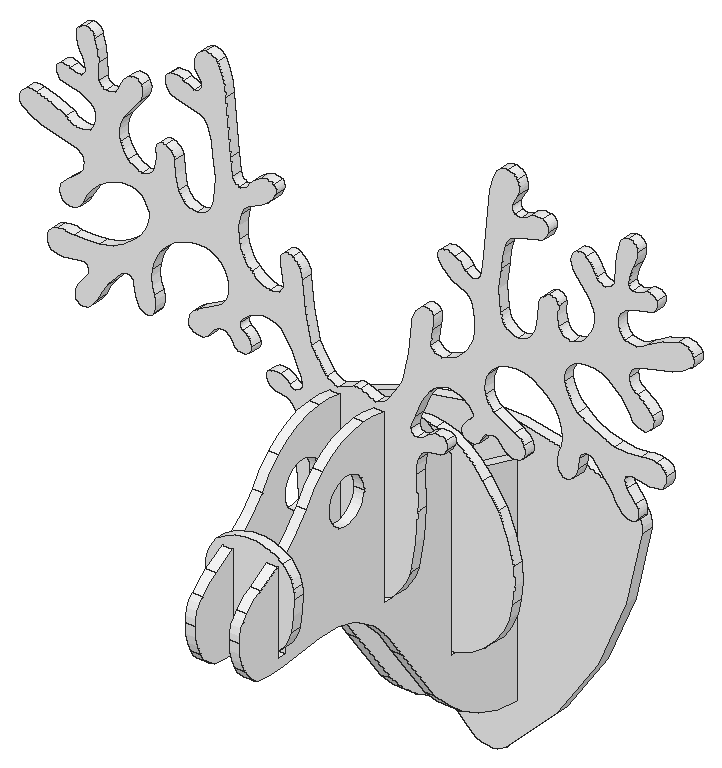
Revit family "Deerhead", category Furniture, Revit 2015
Parameters
  Width = 1200 mm  # constant formula
  Weight = 2.60 kg  # constant formula
  Model = "Deerhead"  # constant formula
  Material = Polyester fiber - White
  Manufacturer = "Loook Industries Ltd."
  Keynote = "5111"
  Height = 1150 mm  # constant formula
  Design by = "IVAR GESTRANIUS & KEVIN LAHTINEN"  # constant formula
  Depth = 675 mm  # constant formula
  BIM Author = "Mika Leinonen - mikaleinonen@outlook.com"  # constant formula
Reference planes
  plane 1 "Center (Front/Back)": y = 0
  plane 2 "Bottom": z = 0
  plane 3 "Center (Left/Right)": x = -257.5
  plane 4 "Front": y = -337.5
  plane 5 "Left": x = 342.5
  plane 6 "Back": y = 337.5
  plane 7 "Right": x = -857.5
  plane 8 "Top": z = 1150
  plane 9 "Center (Elevation)": z = 575
Dimensions and locks
  equal spacing: plane 7 "Right", plane 3 "Center (Left/Right)", plane 5 "Left"
  equal spacing: plane 6 "Back", plane 1 "Center (Front/Back)", plane 4 "Front"
  "Width": plane 7 "Right" to plane 5 "Left"
  "Depth": plane 6 "Back" to plane 4 "Front"
  equal spacing: plane 8 "Top", plane 9 "Center (Elevation)", plane 2 "Bottom"
  "Height": plane 8 "Top" to plane 2 "Bottom"
  aligned and locked: level to plane 2 "Bottom"
  aligned and locked: nested 1 to plane 4 "Front"
Nested families
  nested 1: "Deerhead - Wall" at (0, 0, 0), type "Deerhead - Wall"
Definition of nested family "Deerhead - Wall"
  Parameters (values of type "Deerhead - Wall")
    Width = 1200 mm  # constant formula
    Weight = 2.60 kg  # constant formula
    Model = "Deerhead"  # constant formula
    Material = none
    Manufacturer = "Loook Industries Ltd."
    Keynote = "5111"
    Height = 1150 mm  # constant formula
    Design by = "IVAR GESTRANIUS & KEVIN LAHTINEN"  # constant formula
    Depth = 675 mm  # constant formula
    BIM Author = "Mika Leinonen - mikaleinonen@outlook.com"  # constant formula
  Reference planes
    plane 1 "Center (Front/Back)": y = 0
    plane 2 "Bottom": z = 0
    plane 3 "Center (Left/Right)": x = -257.5
    plane 4 "Front": y = -337.5
    plane 5 "Left": x = 342.5
    plane 6 "Back": y = 337.5
    plane 7 "Right": x = -857.5
    plane 8 "Top": z = 1150
    plane 9 "Center (Elevation)": z = 575
  Forms (mm)
    Extrusion 1, solid
      sketch origin (0, 0, 0) x (1, 0, 0) y (0, 0, 1)
        loop
          arc (-529.453, 435.265) -> (-451.041, 199.021) -> (-288.213, 10.747) r 638.151
          arc (-288.213, 10.747) -> (-257.5, 0.202) -> (-226.787, 10.747) r 50
          arc (-226.787, 10.747) -> (-63.959, 199.021) -> (14.453, 435.265) r 638.151
          arc (14.453, 435.265) -> (9.342, 462.319) -> (-10.573, 481.333) r 45
          arc (-10.573, 481.333) -> (-257.5, 538.02) -> (-504.427, 481.333) r 566.14
          arc (-504.427, 481.333) -> (-524.342, 462.319) -> (-529.453, 435.265) r 45
        loop
          line (-209.24, 428.098) -> (-227.24, 428.098) -> (-227.24, 316.098) -> (-209.24, 316.098) -> (-209.24, 428.098)
        loop
          line (-209.24, 308.098) -> (-227.24, 308.098) -> (-227.24, 196.098) -> (-209.24, 196.098) -> (-209.24, 308.098)
        loop
          line (-305.76, 428.098) -> (-305.76, 316.098) -> (-287.76, 316.098) -> (-287.76, 428.098) -> (-305.76, 428.098)
        loop
          line (-305.76, 308.098) -> (-305.76, 196.098) -> (-287.76, 196.098) -> (-287.76, 308.098) -> (-305.76, 308.098)
      from -297.261 to -277.261
    Extrusion 2, solid
      sketch origin (0, 0, 0) x (1, 0, 0) y (0, 0, 1)
        loop
          arc (-417.231, 408.187) -> (-418.977, 377.223) -> (-416.736, 346.294) r 242.773
          arc (-416.736, 346.294) -> (-393.298, 287.691) -> (-345.034, 247.019) r 130.082
          arc (-345.034, 247.019) -> (-257.5, 226.745) -> (-169.966, 247.019) r 199.105
          arc (-169.966, 247.019) -> (-121.702, 287.691) -> (-98.238, 346.29) r 130.082
          arc (-98.238, 346.29) -> (-96.023, 377.223) -> (-97.769, 408.187) r 242.773
          arc (-97.769, 408.187) -> (-107.005, 449.118) -> (-124.32, 487.339) r 206.642
          arc (-124.32, 487.339) -> (-137.035, 507.146) -> (-151.352, 525.827) r 283.026
          arc (-151.352, 525.827) -> (-187.689, 562.114) -> (-234.215, 583.849) r 148.464
          arc (-234.215, 583.849) -> (-257.248, 586.221) -> (-280.29, 583.95) r 115.464
          arc (-280.29, 583.95) -> (-316.175, 570.202) -> (-345.56, 545.439) r 115.464
          arc (-345.56, 545.439) -> (-369.921, 518.055) -> (-390.467, 487.704) r 277.959
          arc (-390.467, 487.704) -> (-407.928, 449.318) -> (-417.231, 408.187) r 206.642
      from -147.64 to -129.64
    Extrusion 3, solid
      sketch origin (0, 0, 0) x (1, 0, 0) y (0, 0, 1)
        loop
          arc (-277.098, 392.714) -> (-257.5, 391.151) -> (-237.902, 392.714) r 123.578
          arc (-237.902, 392.714) -> (-219.74, 398.262) -> (-203.577, 408.229) r 74.339
          arc (-203.577, 408.229) -> (-190.717, 423.134) -> (-183.868, 441.59) r 55.507
          arc (-183.868, 441.59) -> (-179.331, 468.852) -> (-178.368, 496.473) r 212.653
          arc (-178.368, 496.473) -> (-178.56, 504.437) -> (-179.821, 512.302) r 59.093
          arc (-179.821, 512.302) -> (-186.853, 530.578) -> (-198.69, 546.178) r 69.728
          arc (-198.69, 546.178) -> (-257.5, 565.71) -> (-316.31, 546.178) r 98.303
          arc (-316.31, 546.178) -> (-328.147, 530.578) -> (-335.179, 512.302) r 69.728
          arc (-335.179, 512.302) -> (-336.44, 504.437) -> (-336.632, 496.473) r 59.093
          arc (-336.632, 496.473) -> (-335.669, 468.852) -> (-331.132, 441.59) r 212.653
          arc (-331.132, 441.59) -> (-324.283, 423.134) -> (-311.423, 408.229) r 55.507
          arc (-311.423, 408.229) -> (-295.26, 398.262) -> (-277.098, 392.714) r 74.339
      from 238.36 to 256.36
    Extrusion 4, solid
      sketch origin (0, 0, 0) x (1, 0, 0) y (0, 0, 1)
        loop
          arc (-316.664, 388.307) -> (-257.5, 376.482) -> (-198.336, 388.307) r 153.915
          arc (-198.336, 388.307) -> (-176.066, 411.306) -> (-162.638, 440.367) r 95.598
          arc (-162.638, 440.367) -> (-152.782, 491.003) -> (-150.333, 542.531) r 356.694
          arc (-150.333, 542.531) -> (-150.974, 572.16) -> (-151.419, 601.793) r 4507.208
          arc (-151.419, 601.793) -> (-150.477, 615.046) -> (-147.368, 627.964) r 80.475
          arc (-147.368, 627.964) -> (-141.725, 637.774) -> (-132.664, 644.554) r 28.043
          arc (-132.664, 644.554) -> (-124.457, 646.017) -> (-116.167, 646.886) r 115.946
          arc (-116.167, 646.886) -> (-105.19, 649.769) -> (-97.737, 658.328) r 19.281
          arc (-97.737, 658.328) -> (-96.419, 665.865) -> (-98.798, 673.138) r 15.795
          arc (-98.798, 673.138) -> (-109.633, 677.604) -> (-121.247, 676.044) r 22.602
          arc (-121.247, 676.044) -> (-129.519, 671.649) -> (-136.839, 665.805) r 50.616
          arc (-136.839, 665.805) -> (-143.761, 661.795) -> (-151.753, 661.455) r 16.736
          arc (-151.753, 661.455) -> (-158.153, 664.993) -> (-161.359, 671.565) r 12.136
          arc (-161.359, 671.565) -> (-158.52, 683.097) -> (-153.777, 693.984) r 70.21
          arc (-153.777, 693.984) -> (-142.139, 719.85) -> (-126.342, 743.407) r 169.08
          arc (-126.342, 743.407) -> (-110.64, 755.467) -> (-91.136, 758.867) r 41.45
          arc (-91.136, 758.867) -> (-74.768, 755.089) -> (-60.391, 746.402) r 53.267
          arc (-60.391, 746.402) -> (-55.063, 740.976) -> (-50.825, 734.662) r 41.119
          arc (-50.825, 734.662) -> (-50.185, 728.605) -> (-54.021, 723.873) r 7.948
          arc (-54.021, 723.873) -> (-64.618, 714.698) -> (-70.371, 701.915) r 32.528
          arc (-70.371, 701.915) -> (-69.685, 694.995) -> (-65.164, 689.711) r 11.598
          arc (-65.164, 689.711) -> (-57.588, 686.701) -> (-49.437, 686.561) r 22.711
          arc (-49.437, 686.561) -> (-40.785, 690.428) -> (-35.153, 698.051) r 18.636
          arc (-35.153, 698.051) -> (-29.495, 706.174) -> (-20.825, 710.956) r 21.788
          arc (-20.825, 710.956) -> (-12.026, 711.021) -> (-4.423, 706.593) r 16.652
          arc (-4.423, 706.593) -> (1.745, 699.828) -> (7.399, 692.629) r 124.45
          arc (7.399, 692.629) -> (15.256, 688.094) -> (24.279, 687.157) r 21.76
          arc (24.279, 687.157) -> (33.088, 689.783) -> (40.371, 695.392) r 25.221
          arc (40.371, 695.392) -> (42.323, 704.815) -> (39.878, 714.121) r 21.048
          arc (39.878, 714.121) -> (33.161, 723.037) -> (24.002, 729.42) r 35.431
          arc (24.002, 729.42) -> (4.959, 739.087) -> (-13.697, 749.48) r 554.527
          arc (-13.697, 749.48) -> (-23.835, 759.219) -> (-28.388, 772.519) r 29.837
          arc (-28.388, 772.519) -> (-28.736, 791.611) -> (-21.388, 809.235) r 46.534
          arc (-21.388, 809.235) -> (-6.371, 823.815) -> (13.115, 831.457) r 53.08
          arc (13.115, 831.457) -> (34.668, 831.918) -> (55.347, 825.828) r 70.323
          arc (55.347, 825.828) -> (74.211, 814.303) -> (90.162, 798.999) r 102.394
          arc (90.162, 798.999) -> (100.499, 782.947) -> (106.517, 764.829) r 76.12
          arc (106.517, 764.829) -> (107.393, 744.413) -> (102.115, 724.673) r 67.447
          arc (102.115, 724.673) -> (100.183, 709.992) -> (102.72, 695.403) r 49.046
          arc (102.72, 695.403) -> (109.334, 689.542) -> (118.071, 688.218) r 15.591
          arc (118.071, 688.218) -> (130.897, 696.828) -> (136.495, 711.227) r 25.77
          arc (136.495, 711.227) -> (137.564, 720.876) -> (139.476, 730.395) r 110.463
          arc (139.476, 730.395) -> (143.536, 737.324) -> (150.713, 740.927) r 14.148
          arc (150.713, 740.927) -> (156.892, 740.504) -> (162.14, 737.214) r 12.726
          arc (162.14, 737.214) -> (173.347, 725.105) -> (184.104, 712.595) r 451.831
          arc (184.104, 712.595) -> (195.576, 696.965) -> (205.136, 680.097) r 165.043
          arc (205.136, 680.097) -> (211.821, 670.653) -> (221.123, 663.772) r 36.531
          arc (221.123, 663.772) -> (232.895, 662.087) -> (243.161, 668.089) r 18.054
          arc (243.161, 668.089) -> (244.152, 680.513) -> (239.41, 692.04) r 26.77
          arc (239.41, 692.04) -> (231.738, 702.032) -> (223.492, 711.556) r 213.902
          arc (223.492, 711.556) -> (220.009, 718.373) -> (220.537, 726.009) r 14.313
          arc (220.537, 726.009) -> (225.538, 731.859) -> (233.172, 732.844) r 10.709
          arc (233.172, 732.844) -> (248.583, 729.772) -> (264.199, 728.017) r 185.16
          arc (264.199, 728.017) -> (276.499, 728.833) -> (288.13, 732.916) r 45.562
          arc (288.13, 732.916) -> (293.258, 743.09) -> (294.047, 754.457) r 28.844
          arc (294.047, 754.457) -> (287.32, 764.541) -> (276.508, 770.021) r 23.869
          arc (276.508, 770.021) -> (261.856, 771.4) -> (247.29, 769.3) r 62.236
          arc (247.29, 769.3) -> (224.624, 768.218) -> (202.022, 770.235) r 166.114
          arc (202.022, 770.235) -> (166.792, 781.053) -> (135.946, 801.218) r 131.539
          arc (135.946, 801.218) -> (120.372, 820.301) -> (111.904, 843.43) r 74.197
          arc (111.904, 843.43) -> (120.307, 868.156) -> (142.708, 881.581) r 37.91
          arc (142.708, 881.581) -> (173.392, 880.103) -> (200.036, 864.815) r 65.582
          arc (200.036, 864.815) -> (216.793, 848.304) -> (229.057, 828.23) r 96.516
          arc (229.057, 828.23) -> (239.58, 816.414) -> (254.946, 812.641) r 26.663
          arc (254.946, 812.641) -> (269.591, 823.703) -> (269.595, 842.056) r 20.594
          arc (269.595, 842.056) -> (256.941, 855.567) -> (241.846, 866.281) r 92.302
          arc (241.846, 866.281) -> (231.875, 876.204) -> (228.32, 889.814) r 26.741
          arc (228.32, 889.814) -> (233.155, 903.168) -> (245.261, 910.591) r 21.494
          arc (245.261, 910.591) -> (275.32, 917.64) -> (305.123, 925.702) r 910.904
          arc (305.123, 925.702) -> (321.803, 932.338) -> (336.883, 942.078) r 92.262
          arc (336.883, 942.078) -> (342.501, 950.292) -> (342.5, 960.244) r 16.838
          arc (342.5, 960.244) -> (331.088, 973.559) -> (313.569, 974.354) r 22.076
          arc (313.569, 974.354) -> (286.239, 966.204) -> (260.795, 953.32) r 159.586
          arc (260.795, 953.32) -> (241.182, 943.345) -> (219.367, 946.229) r 37.114
          arc (219.367, 946.229) -> (207.991, 964.551) -> (212.342, 985.673) r 29.115
          arc (212.342, 985.673) -> (227.822, 996.63) -> (246, 1002.037) r 58.295
          arc (246, 1002.037) -> (259.305, 1004.827) -> (271.987, 1009.723) r 84.107
          arc (271.987, 1009.723) -> (277.454, 1018.661) -> (277.13, 1029.133) r 18.322
          arc (277.13, 1029.133) -> (266.27, 1036.698) -> (253.379, 1033.698) r 16.283
          arc (253.379, 1033.698) -> (243.689, 1029.429) -> (233.114, 1029.949) r 23.017
          arc (233.114, 1029.949) -> (228.338, 1032.881) -> (225.745, 1037.848) r 10.525
          arc (225.745, 1037.848) -> (229.067, 1053.854) -> (235.753, 1068.77) r 75.566
          arc (235.753, 1068.77) -> (240.74, 1080.464) -> (242.64, 1093.033) r 50.35
          arc (242.64, 1093.033) -> (237.884, 1104.777) -> (226.068, 1109.351) r 15.955
          arc (226.068, 1109.351) -> (215.214, 1105.094) -> (209.346, 1095.019) r 17.741
          arc (209.346, 1095.019) -> (204.794, 1076.945) -> (203.489, 1058.353) r 105.646
          arc (203.489, 1058.353) -> (203.197, 1045.541) -> (201.858, 1032.796) r 156.399
          arc (201.858, 1032.796) -> (197.958, 1024.655) -> (190.132, 1020.156) r 15.218
          arc (190.132, 1020.156) -> (178.024, 1021.099) -> (168.539, 1028.684) r 20.655
          arc (168.539, 1028.684) -> (161.378, 1043.184) -> (150.268, 1054.935) r 54.352
          arc (150.268, 1054.935) -> (137.211, 1058.285) -> (125.896, 1050.959) r 16.796
          arc (125.896, 1050.959) -> (123.939, 1037.123) -> (128.696, 1023.983) r 28.929
          arc (128.696, 1023.983) -> (141.615, 1006.294) -> (155.891, 989.68) r 277.236
          arc (155.891, 989.68) -> (164.751, 969.64) -> (163.332, 947.774) r 45.984
          arc (163.332, 947.774) -> (157.96, 935.224) -> (150.222, 923.976) r 69.013
          arc (150.222, 923.976) -> (139.231, 915.084) -> (125.735, 910.874) r 37.643
          arc (125.735, 910.874) -> (110.971, 914.613) -> (102.373, 927.185) r 21.532
          arc (102.373, 927.185) -> (100.026, 943.225) -> (100.686, 959.422) r 87.29
          arc (100.686, 959.422) -> (94.76, 968.722) -> (83.871, 970.459) r 13.442
          arc (83.871, 970.459) -> (72.686, 963.811) -> (66.551, 952.336) r 24.233
          arc (66.551, 952.336) -> (64.704, 929.151) -> (59.705, 906.436) r 169.731
          arc (59.705, 906.436) -> (47.881, 889.074) -> (28.13, 881.922) r 34.14
          arc (28.13, 881.922) -> (7.42, 891.59) -> (-1.909, 912.455) r 32.72
          arc (-1.909, 912.455) -> (-4.86, 948.293) -> (-0.48, 983.984) r 176.328
          arc (-0.48, 983.984) -> (1.863, 1002.984) -> (6.675, 1021.514) r 145.79
          arc (6.675, 1021.514) -> (14.257, 1033.987) -> (26.531, 1041.886) r 32.514
          arc (26.531, 1041.886) -> (45.975, 1047.842) -> (65.903, 1051.898) r 210.951
          arc (65.903, 1051.898) -> (77.33, 1057.612) -> (83.283, 1068.916) r 20.866
          arc (83.283, 1068.916) -> (82.551, 1080.372) -> (73.714, 1087.698) r 14.485
          arc (73.714, 1087.698) -> (61.899, 1088.455) -> (50.893, 1084.093) r 27.04
          arc (50.893, 1084.093) -> (42.715, 1079.344) -> (33.94, 1075.818) r 65.737
          arc (33.94, 1075.818) -> (28.046, 1075.654) -> (22.979, 1078.671) r 10.581
          arc (22.979, 1078.671) -> (19.587, 1084.439) -> (18.97, 1091.103) r 15.353
          arc (18.97, 1091.103) -> (25.299, 1101.378) -> (30.959, 1112.035) r 189.122
          arc (30.959, 1112.035) -> (31.644, 1123.221) -> (27.778, 1133.74) r 27.308
          arc (27.778, 1133.74) -> (20.781, 1141.063) -> (11.454, 1145.011) r 25.018
          arc (11.454, 1145.011) -> (0.437, 1142.201) -> (-8.452, 1135.112) r 27.054
          arc (-8.452, 1135.112) -> (-18.861, 1109.959) -> (-23.06, 1083.064) r 114.882
          arc (-23.06, 1083.064) -> (-26.16, 1037.024) -> (-32.121, 991.267) r 740.992
          arc (-32.121, 991.267) -> (-34.251, 977.087) -> (-36.051, 962.862) r 618.832
          arc (-36.051, 962.862) -> (-39.492, 954.54) -> (-46.805, 949.283) r 16.423
          arc (-46.805, 949.283) -> (-57.302, 950.761) -> (-65.156, 957.881) r 18.038
          arc (-65.156, 957.881) -> (-72.996, 967.291) -> (-83.378, 973.79) r 38.818
          arc (-83.378, 973.79) -> (-96.308, 978.26) -> (-109.548, 974.818) r 23.638
          arc (-109.548, 974.818) -> (-113.571, 967.587) -> (-112.965, 959.334) r 14.444
          arc (-112.965, 959.334) -> (-102.394, 945.206) -> (-88.285, 934.609) r 62.292
          arc (-88.285, 934.609) -> (-75.789, 928.164) -> (-62.976, 922.375) r 271.399
          arc (-62.976, 922.375) -> (-55.649, 915.546) -> (-51.199, 906.573) r 27.961
          arc (-51.199, 906.573) -> (-47.476, 886.247) -> (-47.829, 865.585) r 104.399
          arc (-47.829, 865.585) -> (-54.827, 841.927) -> (-69.37, 821.996) r 72.335
          arc (-69.37, 821.996) -> (-84.479, 810.89) -> (-102.005, 804.221) r 69.581
          arc (-102.005, 804.221) -> (-116.711, 806.14) -> (-126.543, 817.243) r 21.153
          arc (-126.543, 817.243) -> (-125.402, 830.044) -> (-122.604, 842.588) r 98.497
          arc (-122.604, 842.588) -> (-120.738, 853.826) -> (-121.605, 865.184) r 47.458
          arc (-121.605, 865.184) -> (-130.609, 872.801) -> (-142.295, 871.209) r 14.502
          arc (-142.295, 871.209) -> (-155.373, 857.849) -> (-160.734, 839.937) r 39.015
          arc (-160.734, 839.937) -> (-166.045, 790.539) -> (-177.063, 742.092) r 426.645
          arc (-177.063, 742.092) -> (-188.387, 721.263) -> (-202.793, 702.433) r 152.997
          arc (-202.793, 702.433) -> (-212.227, 695.288) -> (-223.651, 692.198) r 31.007
          arc (-223.651, 692.198) -> (-237.81, 697.157) -> (-251.763, 702.668) r 382.067
          arc (-251.763, 702.668) -> (-257.5, 703.818) -> (-263.237, 702.668) r 14.881
          arc (-263.237, 702.668) -> (-277.19, 697.157) -> (-291.349, 692.198) r 382.067
          arc (-291.349, 692.198) -> (-302.773, 695.288) -> (-312.207, 702.433) r 31.007
          arc (-312.207, 702.433) -> (-326.613, 721.263) -> (-337.937, 742.092) r 152.997
          arc (-337.937, 742.092) -> (-348.955, 790.539) -> (-354.266, 839.937) r 426.645
          arc (-354.266, 839.937) -> (-359.627, 857.849) -> (-372.705, 871.209) r 39.015
          arc (-372.705, 871.209) -> (-384.391, 872.801) -> (-393.395, 865.184) r 14.502
          arc (-393.395, 865.184) -> (-394.262, 853.826) -> (-392.396, 842.588) r 47.458
          arc (-392.396, 842.588) -> (-389.598, 830.044) -> (-388.457, 817.243) r 98.497
          arc (-388.457, 817.243) -> (-398.289, 806.14) -> (-412.995, 804.221) r 21.153
          arc (-412.995, 804.221) -> (-430.521, 810.89) -> (-445.63, 821.996) r 69.581
          arc (-445.63, 821.996) -> (-460.173, 841.927) -> (-467.171, 865.585) r 72.335
          arc (-467.171, 865.585) -> (-467.524, 886.247) -> (-463.801, 906.573) r 104.399
          arc (-463.801, 906.573) -> (-459.351, 915.546) -> (-452.024, 922.375) r 27.961
          arc (-452.024, 922.375) -> (-439.211, 928.164) -> (-426.715, 934.609) r 271.399
          arc (-426.715, 934.609) -> (-412.606, 945.206) -> (-402.035, 959.334) r 62.292
          arc (-402.035, 959.334) -> (-401.429, 967.587) -> (-405.452, 974.818) r 14.444
          arc (-405.452, 974.818) -> (-418.692, 978.26) -> (-431.622, 973.79) r 23.638
          arc (-431.622, 973.79) -> (-442.004, 967.291) -> (-449.844, 957.881) r 38.818
          arc (-449.844, 957.881) -> (-457.698, 950.761) -> (-468.195, 949.283) r 18.038
          arc (-468.195, 949.283) -> (-475.508, 954.54) -> (-478.949, 962.862) r 16.423
          arc (-478.949, 962.862) -> (-480.749, 977.087) -> (-482.879, 991.267) r 618.832
          arc (-482.879, 991.267) -> (-488.84, 1037.024) -> (-491.94, 1083.064) r 740.992
          arc (-491.94, 1083.064) -> (-496.139, 1109.959) -> (-506.548, 1135.112) r 114.882
          arc (-506.548, 1135.112) -> (-515.437, 1142.201) -> (-526.454, 1145.011) r 27.054
          arc (-526.454, 1145.011) -> (-535.781, 1141.063) -> (-542.778, 1133.74) r 25.018
          arc (-542.778, 1133.74) -> (-546.644, 1123.221) -> (-545.959, 1112.035) r 27.308
          arc (-545.959, 1112.035) -> (-540.299, 1101.378) -> (-533.97, 1091.103) r 189.122
          arc (-533.97, 1091.103) -> (-534.587, 1084.439) -> (-537.979, 1078.671) r 15.353
          arc (-537.979, 1078.671) -> (-543.046, 1075.654) -> (-548.94, 1075.818) r 10.581
          arc (-548.94, 1075.818) -> (-557.715, 1079.344) -> (-565.893, 1084.093) r 65.737
          arc (-565.893, 1084.093) -> (-576.899, 1088.455) -> (-588.714, 1087.698) r 27.04
          arc (-588.714, 1087.698) -> (-597.551, 1080.372) -> (-598.283, 1068.916) r 14.485
          arc (-598.283, 1068.916) -> (-592.33, 1057.612) -> (-580.903, 1051.898) r 20.866
          arc (-580.903, 1051.898) -> (-560.975, 1047.842) -> (-541.531, 1041.886) r 210.951
          arc (-541.531, 1041.886) -> (-529.257, 1033.987) -> (-521.675, 1021.514) r 32.514
          arc (-521.675, 1021.514) -> (-516.863, 1002.984) -> (-514.52, 983.984) r 145.79
          arc (-514.52, 983.984) -> (-510.14, 948.293) -> (-513.091, 912.455) r 176.328
          arc (-513.091, 912.455) -> (-522.42, 891.59) -> (-543.13, 881.922) r 32.72
          arc (-543.13, 881.922) -> (-562.881, 889.074) -> (-574.705, 906.436) r 34.14
          arc (-574.705, 906.436) -> (-579.704, 929.151) -> (-581.551, 952.336) r 169.731
          arc (-581.551, 952.336) -> (-587.686, 963.811) -> (-598.871, 970.459) r 24.233
          arc (-598.871, 970.459) -> (-609.76, 968.722) -> (-615.686, 959.422) r 13.442
          arc (-615.686, 959.422) -> (-615.026, 943.225) -> (-617.373, 927.185) r 87.29
          arc (-617.373, 927.185) -> (-625.971, 914.613) -> (-640.735, 910.874) r 21.532
          arc (-640.735, 910.874) -> (-654.231, 915.084) -> (-665.222, 923.976) r 37.643
          arc (-665.222, 923.976) -> (-672.96, 935.224) -> (-678.332, 947.774) r 69.013
          arc (-678.332, 947.774) -> (-679.751, 969.64) -> (-670.891, 989.68) r 45.984
          arc (-670.891, 989.68) -> (-656.615, 1006.294) -> (-643.696, 1023.983) r 277.236
          arc (-643.696, 1023.983) -> (-638.939, 1037.123) -> (-640.896, 1050.959) r 28.929
          arc (-640.896, 1050.959) -> (-652.211, 1058.285) -> (-665.268, 1054.935) r 16.796
          arc (-665.268, 1054.935) -> (-676.378, 1043.184) -> (-683.539, 1028.684) r 54.352
          arc (-683.539, 1028.684) -> (-693.024, 1021.099) -> (-705.132, 1020.156) r 20.655
          arc (-705.132, 1020.156) -> (-712.958, 1024.655) -> (-716.858, 1032.796) r 15.218
          arc (-716.858, 1032.796) -> (-718.197, 1045.541) -> (-718.489, 1058.353) r 156.399
          arc (-718.489, 1058.353) -> (-719.794, 1076.945) -> (-724.346, 1095.019) r 105.646
          arc (-724.346, 1095.019) -> (-730.214, 1105.094) -> (-741.068, 1109.351) r 17.741
          arc (-741.068, 1109.351) -> (-752.884, 1104.777) -> (-757.64, 1093.033) r 15.955
          arc (-757.64, 1093.033) -> (-755.74, 1080.464) -> (-750.753, 1068.77) r 50.35
          arc (-750.753, 1068.77) -> (-744.067, 1053.854) -> (-740.745, 1037.848) r 75.566
          arc (-740.745, 1037.848) -> (-743.338, 1032.881) -> (-748.114, 1029.949) r 10.525
          arc (-748.114, 1029.949) -> (-758.689, 1029.429) -> (-768.379, 1033.698) r 23.017
          arc (-768.379, 1033.698) -> (-781.27, 1036.698) -> (-792.13, 1029.133) r 16.283
          arc (-792.13, 1029.133) -> (-792.454, 1018.661) -> (-786.987, 1009.723) r 18.322
          arc (-786.987, 1009.723) -> (-774.305, 1004.827) -> (-761, 1002.037) r 84.107
          arc (-761, 1002.037) -> (-742.822, 996.63) -> (-727.342, 985.673) r 58.295
          arc (-727.342, 985.673) -> (-722.991, 964.551) -> (-734.367, 946.229) r 29.115
          arc (-734.367, 946.229) -> (-756.182, 943.345) -> (-775.795, 953.32) r 37.114
          arc (-775.795, 953.32) -> (-801.239, 966.204) -> (-828.569, 974.354) r 159.586
          arc (-828.569, 974.354) -> (-846.088, 973.559) -> (-857.5, 960.244) r 22.076
          arc (-857.5, 960.244) -> (-857.501, 950.292) -> (-851.883, 942.078) r 16.838
          arc (-851.883, 942.078) -> (-836.803, 932.338) -> (-820.123, 925.702) r 92.262
          arc (-820.123, 925.702) -> (-790.32, 917.64) -> (-760.261, 910.591) r 910.904
          arc (-760.261, 910.591) -> (-748.155, 903.168) -> (-743.32, 889.814) r 21.494
          arc (-743.32, 889.814) -> (-746.875, 876.204) -> (-756.846, 866.281) r 26.741
          arc (-756.846, 866.281) -> (-771.941, 855.567) -> (-784.595, 842.056) r 92.302
          arc (-784.595, 842.056) -> (-784.591, 823.703) -> (-769.946, 812.641) r 20.594
          arc (-769.946, 812.641) -> (-754.58, 816.414) -> (-744.057, 828.23) r 26.663
          arc (-744.057, 828.23) -> (-731.793, 848.304) -> (-715.036, 864.815) r 96.516
          arc (-715.036, 864.815) -> (-688.392, 880.103) -> (-657.708, 881.581) r 65.582
          arc (-657.708, 881.581) -> (-635.307, 868.156) -> (-626.904, 843.43) r 37.91
          arc (-626.904, 843.43) -> (-635.372, 820.301) -> (-650.946, 801.218) r 74.197
          arc (-650.946, 801.218) -> (-681.792, 781.053) -> (-717.022, 770.235) r 131.539
          arc (-717.022, 770.235) -> (-739.624, 768.218) -> (-762.29, 769.3) r 166.114
          arc (-762.29, 769.3) -> (-776.856, 771.4) -> (-791.508, 770.021) r 62.236
          arc (-791.508, 770.021) -> (-802.32, 764.541) -> (-809.047, 754.457) r 23.869
          arc (-809.047, 754.457) -> (-808.258, 743.09) -> (-803.13, 732.916) r 28.844
          arc (-803.13, 732.916) -> (-791.499, 728.833) -> (-779.199, 728.017) r 45.562
          arc (-779.199, 728.017) -> (-763.583, 729.772) -> (-748.172, 732.844) r 185.16
          arc (-748.172, 732.844) -> (-740.538, 731.859) -> (-735.537, 726.009) r 10.709
          arc (-735.537, 726.009) -> (-735.009, 718.373) -> (-738.492, 711.556) r 14.313
          arc (-738.492, 711.556) -> (-746.738, 702.032) -> (-754.41, 692.04) r 213.902
          arc (-754.41, 692.04) -> (-759.152, 680.513) -> (-758.161, 668.089) r 26.77
          arc (-758.161, 668.089) -> (-747.895, 662.087) -> (-736.123, 663.772) r 18.054
          arc (-736.123, 663.772) -> (-726.821, 670.653) -> (-720.136, 680.097) r 36.531
          arc (-720.136, 680.097) -> (-710.576, 696.965) -> (-699.104, 712.595) r 165.043
          arc (-699.104, 712.595) -> (-688.347, 725.105) -> (-677.14, 737.214) r 451.831
          arc (-677.14, 737.214) -> (-671.892, 740.504) -> (-665.713, 740.927) r 12.726
          arc (-665.713, 740.927) -> (-658.536, 737.324) -> (-654.476, 730.395) r 14.148
          arc (-654.476, 730.395) -> (-652.564, 720.876) -> (-651.495, 711.227) r 110.463
          arc (-651.495, 711.227) -> (-645.897, 696.828) -> (-633.071, 688.218) r 25.77
          arc (-633.071, 688.218) -> (-624.334, 689.542) -> (-617.72, 695.403) r 15.591
          arc (-617.72, 695.403) -> (-615.183, 709.992) -> (-617.115, 724.673) r 49.046
          arc (-617.115, 724.673) -> (-622.393, 744.413) -> (-621.517, 764.829) r 67.447
          arc (-621.517, 764.829) -> (-615.499, 782.947) -> (-605.162, 798.999) r 76.12
          arc (-605.162, 798.999) -> (-589.211, 814.303) -> (-570.347, 825.828) r 102.394
          arc (-570.347, 825.828) -> (-549.668, 831.918) -> (-528.115, 831.457) r 70.323
          arc (-528.115, 831.457) -> (-508.629, 823.815) -> (-493.612, 809.235) r 53.08
          arc (-493.612, 809.235) -> (-486.264, 791.611) -> (-486.612, 772.519) r 46.534
          arc (-486.612, 772.519) -> (-491.165, 759.219) -> (-501.303, 749.48) r 29.837
          arc (-501.303, 749.48) -> (-519.959, 739.087) -> (-539.002, 729.42) r 554.527
          arc (-539.002, 729.42) -> (-548.161, 723.037) -> (-554.878, 714.121) r 35.431
          arc (-554.878, 714.121) -> (-557.323, 704.815) -> (-555.371, 695.392) r 21.048
          arc (-555.371, 695.392) -> (-548.088, 689.783) -> (-539.279, 687.157) r 25.221
          arc (-539.279, 687.157) -> (-530.256, 688.094) -> (-522.399, 692.629) r 21.76
          arc (-522.399, 692.629) -> (-516.745, 699.828) -> (-510.577, 706.593) r 124.45
          arc (-510.577, 706.593) -> (-502.974, 711.021) -> (-494.175, 710.956) r 16.652
          arc (-494.175, 710.956) -> (-485.505, 706.174) -> (-479.847, 698.051) r 21.788
          arc (-479.847, 698.051) -> (-474.215, 690.428) -> (-465.563, 686.561) r 18.636
          arc (-465.563, 686.561) -> (-457.412, 686.701) -> (-449.836, 689.711) r 22.711
          arc (-449.836, 689.711) -> (-445.315, 694.995) -> (-444.629, 701.915) r 11.598
          arc (-444.629, 701.915) -> (-450.382, 714.698) -> (-460.979, 723.873) r 32.528
          arc (-460.979, 723.873) -> (-464.815, 728.605) -> (-464.175, 734.662) r 7.948
          arc (-464.175, 734.662) -> (-459.937, 740.976) -> (-454.609, 746.402) r 41.119
          arc (-454.609, 746.402) -> (-440.232, 755.089) -> (-423.864, 758.867) r 53.267
          arc (-423.864, 758.867) -> (-404.36, 755.467) -> (-388.658, 743.407) r 41.45
          arc (-388.658, 743.407) -> (-372.861, 719.85) -> (-361.223, 693.984) r 169.08
          arc (-361.223, 693.984) -> (-356.48, 683.097) -> (-353.641, 671.565) r 70.21
          arc (-353.641, 671.565) -> (-356.847, 664.993) -> (-363.247, 661.455) r 12.136
          arc (-363.247, 661.455) -> (-371.239, 661.795) -> (-378.161, 665.805) r 16.736
          arc (-378.161, 665.805) -> (-385.481, 671.649) -> (-393.753, 676.044) r 50.616
          arc (-393.753, 676.044) -> (-405.367, 677.604) -> (-416.202, 673.138) r 22.602
          arc (-416.202, 673.138) -> (-418.581, 665.865) -> (-417.263, 658.328) r 15.795
          arc (-417.263, 658.328) -> (-409.81, 649.769) -> (-398.833, 646.886) r 19.281
          arc (-398.833, 646.886) -> (-390.543, 646.017) -> (-382.336, 644.554) r 115.946
          arc (-382.336, 644.554) -> (-373.275, 637.774) -> (-367.632, 627.964) r 28.043
          arc (-367.632, 627.964) -> (-364.523, 615.046) -> (-363.581, 601.793) r 80.475
          arc (-363.581, 601.793) -> (-364.026, 572.16) -> (-364.667, 542.531) r 4507.208
          arc (-364.667, 542.531) -> (-362.218, 491.003) -> (-352.362, 440.367) r 356.694
          arc (-352.362, 440.367) -> (-338.934, 411.306) -> (-316.664, 388.307) r 95.598
      from 0 to 18.36
    Extrusion 5, solid
      sketch origin (-257.5, 0, 0) x (0, 1, 0) y (0, 0, 1)
        loop
          line (0, 376.482) -> (-18.36, 376.482) -> (-18.36, 681.48)
          arc (-18.36, 681.48) -> (-41.135, 684.859) -> (-64.159, 684.814) r 154.438
          arc (-64.159, 684.814) -> (-113.055, 672.497) -> (-155.033, 644.561) r 148.832
          arc (-155.033, 644.561) -> (-174.386, 623.708) -> (-190.86, 600.513) r 218.118
          arc (-190.86, 600.513) -> (-212.041, 572.874) -> (-238.36, 550.074) r 171.773
          line (-238.36, 550.074) -> (-238.36, 391.151) -> (-256.36, 391.151) -> (-256.36, 538.474)
          arc (-256.36, 538.474) -> (-275.209, 527.798) -> (-293.998, 517.017) r 3895.023
          arc (-293.998, 517.017) -> (-310.39, 506.268) -> (-324.912, 493.102) r 125.733
          arc (-324.912, 493.102) -> (-336.776, 473.749) -> (-339.88, 451.262) r 55.386
          arc (-339.88, 451.262) -> (-337.637, 425.814) -> (-328.932, 401.796) r 98.614
          arc (-328.932, 401.796) -> (-315.991, 385.265) -> (-297.913, 374.591) r 56.577
          arc (-297.913, 374.591) -> (-270.46, 372.058) -> (-242.935, 373.642) r 184.636
          arc (-242.935, 373.642) -> (-202.877, 378.622) -> (-162.74, 382.92) r 2374.102
          arc (-162.74, 382.92) -> (-122.659, 382.889) -> (-83.368, 374.976) r 202.816
          arc (-83.368, 374.976) -> (-23.966, 333.354) -> (20.225, 275.838) r 239.137
          arc (20.225, 275.838) -> (56.353, 226.094) -> (95.061, 178.329) r 1162.463
          arc (95.061, 178.329) -> (122.081, 151.195) -> (152.887, 128.452) r 252.879
          arc (152.887, 128.452) -> (212.558, 101.086) -> (277.261, 90.001) r 252.879
          line (277.261, 90.001) -> (277.261, 196.098) -> (330.261, 196.098)
          arc (330.261, 196.098) -> (333.797, 197.563) -> (335.261, 201.098) r 5
          line (335.261, 201.098) -> (335.261, 271.098)
          arc (335.261, 271.098) -> (333.797, 274.634) -> (330.261, 276.098) r 5
          line (330.261, 276.098) -> (297.261, 276.098) -> (297.261, 315.41) -> (330.261, 315.41)
          arc (330.261, 315.41) -> (333.797, 316.875) -> (335.261, 320.41) r 5
          line (335.261, 320.41) -> (335.261, 391.098)
          arc (335.261, 391.098) -> (333.797, 394.634) -> (330.261, 396.098) r 5
          line (330.261, 396.098) -> (277.261, 396.098) -> (277.261, 476.711)
          arc (277.261, 476.711) -> (243.614, 484.264) -> (210.788, 494.833) r 380.332
          arc (210.788, 494.833) -> (177.826, 510.142) -> (147.64, 530.385) r 233.338
          line (147.64, 530.385) -> (147.64, 226.745) -> (129.64, 226.745) -> (129.64, 548.61)
          arc (129.64, 548.61) -> (101.501, 587.241) -> (73.032, 625.63) r 5590.349
          arc (73.032, 625.63) -> (40.633, 656.859) -> (0, 676.196) r 139.996
          line (0, 676.196) -> (0, 376.482)
        loop
          circle (-102.643, 575.445) r 39.96
      from -48.26 to -30.26
    Extrusion 6, solid
      sketch origin (-257.5, 0, 0) x (0, 1, 0) y (0, 0, -1)
        loop
          line (0, -376.482) -> (0, -676.196)
          arc (0, -676.196) -> (40.633, -656.859) -> (73.032, -625.63) r 139.996
          arc (73.032, -625.63) -> (101.501, -587.241) -> (129.64, -548.61) r 5590.349
          line (129.64, -548.61) -> (129.64, -226.745) -> (147.64, -226.745) -> (147.64, -530.385)
          arc (147.64, -530.385) -> (177.826, -510.142) -> (210.788, -494.833) r 233.338
          arc (210.788, -494.833) -> (243.614, -484.264) -> (277.261, -476.711) r 380.332
          line (277.261, -476.711) -> (277.261, -396.098) -> (330.261, -396.098)
          arc (330.261, -396.098) -> (333.797, -394.634) -> (335.261, -391.098) r 5
          line (335.261, -391.098) -> (335.261, -320.41)
          arc (335.261, -320.41) -> (333.797, -316.875) -> (330.261, -315.41) r 5
          line (330.261, -315.41) -> (297.261, -315.41) -> (297.261, -276.098) -> (330.261, -276.098)
          arc (330.261, -276.098) -> (333.797, -274.634) -> (335.261, -271.098) r 5
          line (335.261, -271.098) -> (335.261, -201.098)
          arc (335.261, -201.098) -> (333.797, -197.563) -> (330.261, -196.098) r 5
          line (330.261, -196.098) -> (277.261, -196.098) -> (277.261, -90.001)
          arc (277.261, -90.001) -> (212.558, -101.086) -> (152.887, -128.452) r 252.879
          arc (152.887, -128.452) -> (122.081, -151.195) -> (95.061, -178.329) r 252.879
          arc (95.061, -178.329) -> (56.353, -226.094) -> (20.225, -275.838) r 1162.463
          arc (20.225, -275.838) -> (-23.966, -333.354) -> (-83.368, -374.976) r 239.137
          arc (-83.368, -374.976) -> (-122.659, -382.889) -> (-162.74, -382.92) r 202.816
          arc (-162.74, -382.92) -> (-202.877, -378.622) -> (-242.935, -373.642) r 2374.102
          arc (-242.935, -373.642) -> (-270.46, -372.058) -> (-297.913, -374.591) r 184.636
          arc (-297.913, -374.591) -> (-315.991, -385.265) -> (-328.932, -401.796) r 56.577
          arc (-328.932, -401.796) -> (-337.637, -425.814) -> (-339.88, -451.262) r 98.614
          arc (-339.88, -451.262) -> (-336.776, -473.749) -> (-324.912, -493.102) r 55.386
          arc (-324.912, -493.102) -> (-310.39, -506.268) -> (-293.998, -517.017) r 125.733
          arc (-293.998, -517.017) -> (-275.209, -527.798) -> (-256.36, -538.474) r 3895.023
          line (-256.36, -538.474) -> (-256.36, -391.151) -> (-238.36, -391.151) -> (-238.36, -550.074)
          arc (-238.36, -550.074) -> (-212.041, -572.874) -> (-190.86, -600.513) r 171.773
          arc (-190.86, -600.513) -> (-174.386, -623.708) -> (-155.033, -644.561) r 218.118
          arc (-155.033, -644.561) -> (-113.055, -672.497) -> (-64.159, -684.814) r 148.832
          arc (-64.159, -684.814) -> (-41.135, -684.859) -> (-18.36, -681.48) r 154.438
          line (-18.36, -681.48) -> (-18.36, -376.482) -> (0, -376.482)
        loop
          circle (-102.643, -575.445) r 39.96
      from -48.26 to -30.26
    Extrusion 7, solid
      sketch origin (0, 0, 0) x (1, 0, 0) y (0, 1, 0)
        loop
          line (-330.417, 337.5) -> (-356.44, 337.5) -> (-356.44, 335.5) -> (-330.44, 335.5)
          arc (-330.44, 335.5) -> (-329.026, 334.914) -> (-328.44, 333.5) r 2
          line (-328.44, 333.5) -> (-328.44, 301.261)
          arc (-328.44, 301.261) -> (-326.683, 297.019) -> (-322.44, 295.261) r 6
          line (-322.44, 295.261) -> (-192.56, 295.261)
          arc (-192.56, 295.261) -> (-188.317, 297.019) -> (-186.56, 301.261) r 6
          line (-186.56, 301.261) -> (-186.56, 333.5)
          arc (-186.56, 333.5) -> (-185.974, 334.914) -> (-184.56, 335.5) r 2
          line (-184.56, 335.5) -> (-158.56, 335.5) -> (-158.56, 337.5) -> (-184.583, 337.5)
          arc (-184.583, 337.5) -> (-187.395, 336.335) -> (-188.56, 333.524) r 3.976
          line (-188.56, 333.524) -> (-188.56, 301.5)
          arc (-188.56, 301.5) -> (-189.731, 298.672) -> (-192.56, 297.5) r 4
          line (-192.56, 297.5) -> (-322.44, 297.5)
          arc (-322.44, 297.5) -> (-325.269, 298.672) -> (-326.44, 301.5) r 4
          line (-326.44, 301.5) -> (-326.44, 333.524)
          arc (-326.44, 333.524) -> (-327.605, 336.335) -> (-330.417, 337.5) r 3.976
      from 316.098 to 346.098
    Extrusion 8, void
      sketch origin (0, 0, 0) x (1, 0, 0) y (0, 0, 1)
        loop
          line (-346.448, 346.098) -> (-346.448, 351.098) -> (-366.448, 351.098) -> (-366.448, 311.098) -> (-346.448, 311.098) -> (-346.448, 316.098)
          arc (-346.448, 316.098) -> (-353.514, 319.025) -> (-356.44, 326.091) r 9.992
          line (-356.44, 326.091) -> (-356.44, 336.106)
          arc (-356.44, 336.106) -> (-353.514, 343.171) -> (-346.448, 346.098) r 9.992
        loop
          arc (-168.552, 346.098) -> (-161.486, 343.171) -> (-158.56, 336.106) r 9.992
          line (-158.56, 336.106) -> (-158.56, 326.091)
          arc (-158.56, 326.091) -> (-161.486, 319.025) -> (-168.552, 316.098) r 9.992
          line (-168.552, 316.098) -> (-168.552, 311.098) -> (-148.552, 311.098) -> (-148.552, 351.098) -> (-168.552, 351.098) -> (-168.552, 346.098)
      from -337.5 to -318.52
  Cuts and joins
    Extrusion 8 cuts Extrusion 7
  Lines and regions (mm)
    Masking region 1
      outline origin (0, 0, 0) x (1, 0, 0) y (0, 1, 0)
        loop
          line (-287.76, 335.261) -> (-305.76, 335.261) -> (-305.76, 297.261) -> (-529.8, 297.261) -> (-529.8, 277.261) -> (-305.76, 277.261) -> (-305.76, 147.64) -> (-418.984, 147.64) -> (-418.984, 129.64) -> (-305.76, 129.64) -> (-305.76, 0) -> (-858.253, 0) -> (-858.253, -18.36) -> (-305.76, -18.36) -> (-305.76, -238.36) -> (-335.179, -238.36) -> (-335.179, -256.36) -> (-305.76, -256.36) -> (-305.76, -340.012) -> (-287.76, -340.012) -> (-287.76, -256.36) -> (-227.24, -256.36) -> (-227.24, -340.012) -> (-209.24, -340.012) -> (-209.24, -256.36) -> (-179.821, -256.36) -> (-179.821, -238.36) -> (-209.24, -238.36) -> (-209.24, -18.36) -> (343.253, -18.36) -> (343.253, 0) -> (-209.24, 0) -> (-209.24, 129.64) -> (-96.016, 129.64) -> (-96.016, 147.64) -> (-209.24, 147.64) -> (-209.24, 277.261) -> (14.8, 277.261) -> (14.8, 297.261) -> (-209.24, 297.261) -> (-209.24, 335.261) -> (-227.24, 335.261) -> (-227.24, 297.261) -> (-287.76, 297.261) -> (-287.76, 335.261)
        loop
          line (-287.76, -238.36) -> (-227.24, -238.36) -> (-227.24, -18.36) -> (-287.76, -18.36) -> (-287.76, -238.36)
        loop
          line (-287.76, 0) -> (-227.24, 0) -> (-227.24, 129.64) -> (-287.76, 129.64) -> (-287.76, 0)
        loop
          line (-287.76, 147.64) -> (-227.24, 147.64) -> (-227.24, 277.261) -> (-287.76, 277.261) -> (-287.76, 147.64)
    symbolic lines
      curve 1: line (-287.76, 335.261, 0) -> (-305.76, 335.261, 0)
      curve 2: line (-305.76, 335.261, 0) -> (-305.76, 297.261, 0)
      curve 3: line (-529.8, 297.261, 0) -> (-529.8, 277.261, 0)
      curve 4: line (-305.76, 277.261, 0) -> (-305.76, 147.64, 0)
      curve 5: line (-418.984, 147.64, 0) -> (-418.984, 129.64, 0)
      curve 6: line (-305.76, 129.64, 0) -> (-305.76, 0, 0)
      curve 7: line (343.253, 0, 0) -> (-858.253, 0, 0)
      curve 8: line (-858.253, 0, 0) -> (-858.253, -18.36, 0)
      curve 9: line (-858.253, -18.36, 0) -> (343.253, -18.36, 0)
      curve 10: line (-305.76, -18.36, 0) -> (-305.76, -238.36, 0)
      curve 11: line (-335.179, -238.36, 0) -> (-335.179, -256.36, 0)
      curve 12: line (-305.76, -256.36, 0) -> (-305.76, -340.012, 0)
      curve 13: line (-305.76, -340.012, 0) -> (-287.76, -340.012, 0)
      curve 14: line (-287.76, -340.012, 0) -> (-287.76, -256.36, 0)
      curve 15: line (-287.76, -238.36, 0) -> (-287.76, -18.36, 0)
      curve 16: line (-287.76, 0, 0) -> (-287.76, 129.64, 0)
      curve 17: line (-287.76, 147.64, 0) -> (-287.76, 277.261, 0)
      curve 18: line (-287.76, 335.261, 0) -> (-287.76, 297.261, 0)
      curve 19: line (-227.24, 335.261, 0) -> (-209.24, 335.261, 0)
      curve 20: line (-209.24, 335.261, 0) -> (-209.24, 297.261, 0)
      curve 21: line (14.8, 297.261, 0) -> (14.8, 277.261, 0)
      curve 22: line (-209.24, 277.261, 0) -> (-209.24, 147.64, 0)
      curve 23: line (-96.016, 147.64, 0) -> (-96.016, 129.64, 0)
      curve 24: line (-209.24, 129.64, 0) -> (-209.24, 0, 0)
      curve 25: line (343.253, 0, 0) -> (343.253, -18.36, 0)
      curve 26: line (-209.24, -18.36, 0) -> (-209.24, -238.36, 0)
      curve 27: line (-179.821, -238.36, 0) -> (-179.821, -256.36, 0)
      curve 28: line (-209.24, -256.36, 0) -> (-209.24, -340.012, 0)
      curve 29: line (-209.24, -340.012, 0) -> (-227.24, -340.012, 0)
      curve 30: line (-227.24, -340.012, 0) -> (-227.24, -256.36, 0)
      curve 31: line (-227.24, -238.36, 0) -> (-227.24, -18.36, 0)
      curve 32: line (-227.24, 0, 0) -> (-227.24, 129.64, 0)
      curve 33: line (-227.24, 147.64, 0) -> (-227.24, 277.261, 0)
      curve 34: line (-227.24, 335.261, 0) -> (-227.24, 297.261, 0)
      curve 35: line (-418.984, 147.64, 0) -> (-96.016, 147.64, 0)
      curve 36: line (-529.8, 277.261, 0) -> (14.8, 277.261, 0)
      curve 37: line (-529.8, 297.261, 0) -> (14.8, 297.261, 0)
      curve 38: line (-418.984, 129.64, 0) -> (-96.016, 129.64, 0)
      curve 39: line (-335.179, -238.36, 0) -> (-179.821, -238.36, 0)
      curve 40: line (-335.179, -256.36, 0) -> (-179.821, -256.36, 0)
      curve 41: line (-287.76, 335.261, 0) -> (-305.76, 335.261, 0)
      curve 42: line (-305.76, 335.261, 0) -> (-305.76, 297.261, 0)
      curve 43: line (-529.8, 297.261, 0) -> (-529.8, 277.261, 0)
      curve 44: line (-305.76, 277.261, 0) -> (-305.76, 147.64, 0)
      curve 45: line (-418.984, 147.64, 0) -> (-418.984, 129.64, 0)
      curve 46: line (-305.76, 129.64, 0) -> (-305.76, 0, 0)
      curve 47: line (343.253, 0, 0) -> (-858.253, 0, 0)
      curve 48: line (-858.253, 0, 0) -> (-858.253, -18.36, 0)
      curve 49: line (-858.253, -18.36, 0) -> (343.253, -18.36, 0)
      curve 50: line (-305.76, -18.36, 0) -> (-305.76, -238.36, 0)
      curve 51: line (-335.179, -238.36, 0) -> (-335.179, -256.36, 0)
      curve 52: line (-305.76, -256.36, 0) -> (-305.76, -340.012, 0)
      curve 53: line (-305.76, -340.012, 0) -> (-287.76, -340.012, 0)
      curve 54: line (-287.76, -340.012, 0) -> (-287.76, -256.36, 0)
      curve 55: line (-287.76, -238.36, 0) -> (-287.76, -18.36, 0)
      curve 56: line (-287.76, 0, 0) -> (-287.76, 129.64, 0)
      curve 57: line (-287.76, 147.64, 0) -> (-287.76, 277.261, 0)
      curve 58: line (-287.76, 335.261, 0) -> (-287.76, 297.261, 0)
      curve 59: line (-227.24, 335.261, 0) -> (-209.24, 335.261, 0)
      curve 60: line (-209.24, 335.261, 0) -> (-209.24, 297.261, 0)
      curve 61: line (14.8, 297.261, 0) -> (14.8, 277.261, 0)
      curve 62: line (-209.24, 277.261, 0) -> (-209.24, 147.64, 0)
      curve 63: line (-96.016, 147.64, 0) -> (-96.016, 129.64, 0)
      curve 64: line (-209.24, 129.64, 0) -> (-209.24, 0, 0)
      curve 65: line (343.253, 0, 0) -> (343.253, -18.36, 0)
      curve 66: line (-209.24, -18.36, 0) -> (-209.24, -238.36, 0)
      curve 67: line (-179.821, -238.36, 0) -> (-179.821, -256.36, 0)
      curve 68: line (-209.24, -256.36, 0) -> (-209.24, -340.012, 0)
      curve 69: line (-209.24, -340.012, 0) -> (-227.24, -340.012, 0)
      curve 70: line (-227.24, -340.012, 0) -> (-227.24, -256.36, 0)
      curve 71: line (-227.24, -238.36, 0) -> (-227.24, -18.36, 0)
      curve 72: line (-227.24, 0, 0) -> (-227.24, 129.64, 0)
      curve 73: line (-227.24, 147.64, 0) -> (-227.24, 277.261, 0)
      curve 74: line (-227.24, 335.261, 0) -> (-227.24, 297.261, 0)
      curve 75: line (-418.984, 147.64, 0) -> (-96.016, 147.64, 0)
      curve 76: line (-529.8, 277.261, 0) -> (14.8, 277.261, 0)
      curve 77: line (-529.8, 297.261, 0) -> (14.8, 297.261, 0)
      curve 78: line (-418.984, 129.64, 0) -> (-96.016, 129.64, 0)
      curve 79: line (-335.179, -238.36, 0) -> (-179.821, -238.36, 0)
      curve 80: line (-335.179, -256.36, 0) -> (-179.821, -256.36, 0)
  Dimensions and locks
    equal spacing: plane 7 "Right", plane 3 "Center (Left/Right)", plane 5 "Left"
    equal spacing: plane 6 "Back", plane 1 "Center (Front/Back)", plane 4 "Front"
    "Width": plane 7 "Right" to plane 5 "Left"
    "Depth": plane 6 "Back" to plane 4 "Front"
    equal spacing: plane 8 "Top", plane 9 "Center (Elevation)", plane 2 "Bottom"
    "Height": plane 8 "Top" to plane 2 "Bottom"
    aligned and locked: level to plane 2 "Bottom"
  Automatic sketch dimensions
    Extrusion 1 sketch curve to plane 3 "Center (Left/Right)" = 0 mm  (x2)
    Extrusion 1 sketch curve to plane 3 "Center (Left/Right)" = 30.26 mm
    Extrusion 1 sketch curve to Extrusion 1 sketch curve = 0 mm  (x10)
    Extrusion 1 sketch curve to Extrusion 1 sketch curve = 18 mm  (x2)
    Extrusion 1 sketch curve to Extrusion 1 sketch curve = 179.04 mm  (x2)
    Extrusion 1 sketch curve to plane 9 "Center (Elevation)" = 60.69 mm  (x2)
    Extrusion 1 sketch curve to Extrusion 1 sketch curve = 133.984 mm  (x2)
    plane 3 "Center (Left/Right)" to Extrusion 1 sketch curve = 30.26 mm  (x2)
    Extrusion 1 sketch curve to plane 9 "Center (Elevation)" = 134.162 mm  (x2)
    Extrusion 1 sketch curve to plane 9 "Center (Elevation)" = 146.902 mm
    Extrusion 1 sketch curve to Extrusion 1 sketch curve = 112 mm  (x2)
    Extrusion 1 sketch curve to Extrusion 1 sketch curve = 8 mm  (x2)
    level to Extrusion 1 sketch curve = 50.202 mm
    Extrusion 1 sketch curve to level = 28.12 mm
    level to Extrusion 1 sketch curve = 10.747 mm
    Extrusion 1 sketch curve to Extrusion 1 sketch curve = 19.627 mm
    Extrusion 2 sketch curve to Extrusion 2 sketch curve = 0 mm  (x8)
    Extrusion 2 sketch curve to plane 3 "Center (Left/Right)" = 0 mm  (x2)
    Extrusion 2 sketch curve to plane 3 "Center (Left/Right)" = 15.345 mm
    Extrusion 2 sketch curve to plane 3 "Center (Left/Right)" = 30.345 mm
    Extrusion 2 sketch curve to Extrusion 2 sketch curve = 15.073 mm  (x2)
    Extrusion 2 sketch curve to Extrusion 2 sketch curve = 35.87 mm  (x2)
    Extrusion 2 sketch curve to Extrusion 2 sketch curve = 29.856 mm
    plane 3 "Center (Left/Right)" to Extrusion 2 sketch curve = 30.345 mm
    Extrusion 2 sketch curve to Extrusion 2 sketch curve = 25.695 mm
    Extrusion 2 sketch curve to plane 9 "Center (Elevation)" = 230.521 mm
    Extrusion 2 sketch curve to Extrusion 2 sketch curve = 2.922 mm
    Extrusion 2 sketch curve to Extrusion 2 sketch curve = 19.376 mm
    Extrusion 2 sketch curve to Extrusion 2 sketch curve = 31.664 mm
    Extrusion 2 sketch curve to Extrusion 2 sketch curve = 34.586 mm
    Extrusion 2 sketch curve to Extrusion 2 sketch curve = 19.544 mm  (x2)
    Extrusion 2 sketch curve to Extrusion 2 sketch curve = 42.451 mm
    Extrusion 2 sketch curve to Extrusion 2 sketch curve = 14.65 mm
    Extrusion 2 sketch curve to Extrusion 2 sketch curve = 30.258 mm
    plane 9 "Center (Elevation)" to Extrusion 2 sketch curve = 8.95 mm
    Extrusion 2 sketch curve to plane 3 "Center (Left/Right)" = 22.79 mm
    Extrusion 2 sketch curve to plane 3 "Center (Left/Right)" = 87.534 mm
    Extrusion 2 sketch curve to plane 9 "Center (Elevation)" = 29.561 mm
    Extrusion 2 sketch curve to Extrusion 2 sketch curve = 48.091 mm
    Extrusion 2 sketch curve to Extrusion 2 sketch curve = 0.026 mm  (x2)
    plane 9 "Center (Elevation)" to Extrusion 2 sketch curve = 8.849 mm
    Extrusion 2 sketch curve to plane 9 "Center (Elevation)" = 49.173 mm
    Extrusion 2 sketch curve to Extrusion 2 sketch curve = 27.031 mm
    Extrusion 2 sketch curve to Extrusion 2 sketch curve = 52.253 mm
    Extrusion 3 sketch curve to plane 3 "Center (Left/Right)" = 0 mm  (x2)
    Extrusion 3 sketch curve to plane 3 "Center (Left/Right)" = 7.142 mm
    Extrusion 3 sketch curve to plane 3 "Center (Left/Right)" = 9.731 mm
    Extrusion 3 sketch curve to Extrusion 3 sketch curve = 11.851 mm  (x2)
    Extrusion 3 sketch curve to Extrusion 3 sketch curve = 10.364 mm  (x2)
    Extrusion 3 sketch curve to Extrusion 3 sketch curve = 113.33 mm  (x2)
    plane 3 "Center (Left/Right)" to Extrusion 3 sketch curve = 7.142 mm
    plane 3 "Center (Left/Right)" to Extrusion 3 sketch curve = 9.731 mm
    Extrusion 3 sketch curve to plane 9 "Center (Elevation)" = 123.633 mm
    Extrusion 3 sketch curve to Extrusion 3 sketch curve = 0 mm  (x7)
    Extrusion 3 sketch curve to Extrusion 3 sketch curve = 14.635 mm
    Extrusion 3 sketch curve to Extrusion 3 sketch curve = 1.406 mm
    Extrusion 3 sketch curve to plane 9 "Center (Elevation)" = 84.943 mm  (x2)
    Extrusion 3 sketch curve to Extrusion 3 sketch curve = 30.646 mm
    Extrusion 3 sketch curve to Extrusion 3 sketch curve = 2.388 mm  (x2)
    Extrusion 3 sketch curve to Extrusion 3 sketch curve = 18.081 mm
    Extrusion 3 sketch curve to plane 3 "Center (Left/Right)" = 19.598 mm
    Extrusion 3 sketch curve to Extrusion 3 sketch curve = 34.325 mm
    Extrusion 3 sketch curve to plane 3 "Center (Left/Right)" = 58.81 mm
    Extrusion 3 sketch curve to Extrusion 3 sketch curve = 19.708 mm  (x2)
    Extrusion 3 sketch curve to Extrusion 3 sketch curve = 18.869 mm
    plane 3 "Center (Left/Right)" to Extrusion 3 sketch curve = 19.598 mm
    Extrusion 3 sketch curve to plane 9 "Center (Elevation)" = 28.822 mm
    Extrusion 4 sketch curve to plane 7 "Right" = 0 mm  (x2)
    Extrusion 4 sketch curve to plane 3 "Center (Left/Right)" = 0 mm  (x2)
    plane 5 "Left" to Extrusion 4 sketch curve = 0 mm  (x2)
    Extrusion 4 sketch curve to plane 7 "Right" = 2.824 mm
    Extrusion 4 sketch curve to plane 7 "Right" = 16.363 mm
    Extrusion 4 sketch curve to plane 7 "Right" = 236.241 mm
    plane 9 "Center (Elevation)" to Extrusion 4 sketch curve = 79.691 mm  (x2)
    Extrusion 4 sketch curve to Extrusion 4 sketch curve = 3776.738 mm  (x2)
    plane 7 "Right" to Extrusion 4 sketch curve = 16.085 mm
    Extrusion 4 sketch curve to Extrusion 4 sketch curve = 5.004 mm  (x2)
    plane 7 "Right" to Extrusion 4 sketch curve = 33.383 mm
    Extrusion 4 sketch curve to Extrusion 4 sketch curve = 8.156 mm  (x2)
    Extrusion 4 sketch curve to Extrusion 4 sketch curve = 21.438 mm  (x2)
    Extrusion 4 sketch curve to Extrusion 4 sketch curve = 44.361 mm
    plane 7 "Right" to Extrusion 4 sketch curve = 71.023 mm
    Extrusion 4 sketch curve to Extrusion 4 sketch curve = 4.116 mm
    Extrusion 4 sketch curve to Extrusion 4 sketch curve = 6.033 mm  (x2)
    plane 7 "Right" to Extrusion 4 sketch curve = 77.056 mm
    Extrusion 4 sketch curve to Extrusion 4 sketch curve = 8.086 mm
    Extrusion 4 sketch curve to Extrusion 4 sketch curve = 16.327 mm  (x2)
    Extrusion 4 sketch curve to Extrusion 4 sketch curve = 3.452 mm  (x2)
    Extrusion 4 sketch curve to Extrusion 4 sketch curve = 21.99 mm  (x2)
    Extrusion 4 sketch curve to Extrusion 4 sketch curve = 1.725 mm
    Extrusion 4 sketch curve to Extrusion 4 sketch curve = 23.739 mm
    Extrusion 4 sketch curve to Extrusion 4 sketch curve = 2.178 mm  (x2)
    Extrusion 4 sketch curve to Extrusion 4 sketch curve = 5.247 mm  (x2)
    Extrusion 4 sketch curve to Extrusion 4 sketch curve = 60.548 mm
    Extrusion 4 sketch curve to Extrusion 4 sketch curve = 16.676 mm  (x2)
    Extrusion 4 sketch curve to Extrusion 4 sketch curve = 20.242 mm
    Extrusion 4 sketch curve to Extrusion 4 sketch curve = 8.794 mm  (x2)
    Extrusion 4 sketch curve to Extrusion 4 sketch curve = 16.656 mm
    Extrusion 4 sketch curve to Extrusion 4 sketch curve = 3.467 mm  (x2)
    Extrusion 4 sketch curve to Extrusion 4 sketch curve = 13.117 mm  (x3)
    Extrusion 4 sketch curve to Extrusion 4 sketch curve = 1.735 mm  (x2)
    Extrusion 4 sketch curve to Extrusion 4 sketch curve = 12.683 mm
    Extrusion 4 sketch curve to Extrusion 4 sketch curve = 3.398 mm  (x2)
    Extrusion 4 sketch curve to Extrusion 4 sketch curve = 8.496 mm  (x4)
    Extrusion 4 sketch curve to Extrusion 4 sketch curve = 25.256 mm  (x2)
    Extrusion 4 sketch curve to Extrusion 4 sketch curve = 8.693 mm  (x2)
    Extrusion 4 sketch curve to Extrusion 4 sketch curve = 0.07 mm  (x2)
    Extrusion 4 sketch curve to Extrusion 4 sketch curve = 27.176 mm  (x2)
    Extrusion 4 sketch curve to Extrusion 4 sketch curve = 11.72 mm  (x2)
    Extrusion 4 sketch curve to Extrusion 4 sketch curve = 54.917 mm
    Extrusion 4 sketch curve to Extrusion 4 sketch curve = 34.385 mm  (x2)
    Extrusion 4 sketch curve to Extrusion 4 sketch curve = 40.858 mm
    Extrusion 4 sketch curve to Extrusion 4 sketch curve = 49.233 mm
    Extrusion 4 sketch curve to Extrusion 4 sketch curve = 1.19 mm  (x2)
    Extrusion 4 sketch curve to Extrusion 4 sketch curve = 37.791 mm  (x2)
    Extrusion 4 sketch curve to Extrusion 4 sketch curve = 15.764 mm  (x2)
    Extrusion 4 sketch curve to Extrusion 4 sketch curve = 29.863 mm
    Extrusion 4 sketch curve to Extrusion 4 sketch curve = 43.028 mm
    Extrusion 4 sketch curve to Extrusion 4 sketch curve = 0.251 mm  (x2)
    Extrusion 4 sketch curve to Extrusion 4 sketch curve = 32.898 mm  (x2)
    Extrusion 4 sketch curve to Extrusion 4 sketch curve = 5.179 mm  (x2)
    Extrusion 4 sketch curve to Extrusion 4 sketch curve = 3.992 mm
    Extrusion 4 sketch curve to Extrusion 4 sketch curve = 26.358 mm  (x2)
    Extrusion 4 sketch curve to Extrusion 4 sketch curve = 13.804 mm
    Extrusion 4 sketch curve to Extrusion 4 sketch curve = 12.798 mm  (x2)
    Extrusion 4 sketch curve to Extrusion 4 sketch curve = 21.777 mm
    Extrusion 4 sketch curve to Extrusion 4 sketch curve = 1.825 mm  (x2)
    Extrusion 4 sketch curve to Extrusion 4 sketch curve = 1.996 mm  (x2)
    Extrusion 4 sketch curve to Extrusion 4 sketch curve = 23.147 mm  (x2)
    Extrusion 4 sketch curve to Extrusion 4 sketch curve = 33.275 mm  (x2)
    Extrusion 4 sketch curve to Extrusion 4 sketch curve = 5.162 mm  (x2)
    Extrusion 4 sketch curve to Extrusion 4 sketch curve = 51.84 mm  (x2)
    Extrusion 4 sketch curve to Extrusion 4 sketch curve = 21.963 mm  (x2)
    Extrusion 4 sketch curve to Extrusion 4 sketch curve = 48.168 mm
    Extrusion 4 sketch curve to Extrusion 4 sketch curve = 7.308 mm
    Extrusion 4 sketch curve to Extrusion 4 sketch curve = 2.82 mm  (x2)
    Extrusion 4 sketch curve to Extrusion 4 sketch curve = 26.094 mm  (x2)
    Extrusion 4 sketch curve to Extrusion 4 sketch curve = 22.103 mm  (x2)
    Extrusion 4 sketch curve to Extrusion 4 sketch curve = 3.527 mm
    Extrusion 4 sketch curve to plane 9 "Center (Elevation)" = 8.161 mm  (x2)
    Extrusion 4 sketch curve to Extrusion 4 sketch curve = 49.966 mm
    Extrusion 4 sketch curve to Extrusion 4 sketch curve = 6.913 mm  (x2)
    Extrusion 4 sketch curve to Extrusion 4 sketch curve = 8.957 mm  (x2)
    plane 7 "Right" to Extrusion 4 sketch curve = 290.129 mm
    Extrusion 4 sketch curve to Extrusion 4 sketch curve = 19.003 mm  (x3)
    plane 8 "Top" to Extrusion 4 sketch curve = 22.513 mm  (x2)
    Extrusion 4 sketch curve to Extrusion 4 sketch curve = 20.406 mm
    Extrusion 4 sketch curve to Extrusion 4 sketch curve = 70.434 mm  (x2)
    Extrusion 4 sketch curve to Extrusion 4 sketch curve = 9.575 mm
    Extrusion 4 sketch curve to Extrusion 4 sketch curve = 28.533 mm
    Extrusion 4 sketch curve to Extrusion 4 sketch curve = 8.509 mm  (x2)
    Extrusion 4 sketch curve to Extrusion 4 sketch curve = 41.126 mm  (x2)
    Extrusion 4 sketch curve to Extrusion 4 sketch curve = 3.488 mm  (x2)
    Extrusion 4 sketch curve to Extrusion 4 sketch curve = 3.799 mm  (x2)
    Extrusion 4 sketch curve to Extrusion 4 sketch curve = 6.462 mm  (x2)
    Extrusion 4 sketch curve to Extrusion 4 sketch curve = 3.007 mm  (x2)
    Extrusion 4 sketch curve to Extrusion 4 sketch curve = 9.874 mm
    Extrusion 4 sketch curve to Extrusion 4 sketch curve = 0.368 mm  (x2)
    Extrusion 4 sketch curve to Extrusion 4 sketch curve = 0.683 mm
    Extrusion 4 sketch curve to Extrusion 4 sketch curve = 5.397 mm  (x2)
    Extrusion 4 sketch curve to plane 8 "Top" = 11.581 mm  (x2)
